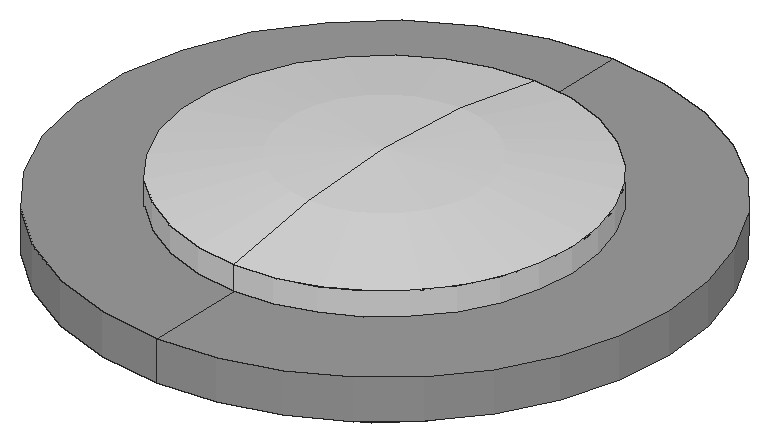
Revit family "4054892", category Lighting Fixtures, host Face, Revit 2018
Family settings
  Host = Face
  Round Connector Dimension = Use Diameter
  Part Type = Normal
  OmniClass Number = 23.80.70.11.17
  OmniClass Title = Specialized Lighting by Location or Use
  Cut with Voids When Loaded = No
  Light Source = Yes
  Shared = No
  Room Calculation Point = No
Parameters (values of type "CASSINI PLANAR 400 1229LM 830 DA EM3 WH")
  Weight = "1.10 kg"  # constant formula
  Wattage Comments = "17"
  Wattage = 10.9848 W
  built-in parameter 1150110 = 1 (stored number, unit not read)
  Voltage Comments = "UNV (Universal Voltage; 220-240 Volt)"  # constant formula
  Voltage = 230 V  # constant formula
  URL = "http://www.feilosylvania.com/"
  built-in parameter 1114217 = 1 (stored number, unit not read)
  Tilt Angle = -90.00°
  built-in parameter 1150109 = 1 (stored number, unit not read)
  built-in parameter 1150134 = 6
  built-in parameter 1150113 = 1 (stored number, unit not read)
  Radius Diffuser = Radius - 68.00 mm  # 132.00 mm
  Radius = 200.00 mm
  Product Page URL = "http://www.feilosylvania.com/product/en-int/products/4055052"
  Product Family = "Cassini Planar LED"  # constant formula
  Photometry Comments = ""
  Photometric Web File = "4054892.ies"
  IK Rating = "10"  # constant formula
  Height = 90.00 mm  # constant formula
  Emit from Circle Diameter = Diameter - 136.00 mm  # 264.00 mm
  Emit Shape Visible in Rendering = no
  Diameter = Radius * 2  # 400.00 mm
  Diffuser Material = Acrylic_Opal_Reflector_Sylvania_White
  Drive Current = "700 mA"  # constant formula
  built-in parameter 1114216 [instance] = 1 (stored number, unit not read)
  Model = "Significant energy savings compared to traditional CFL and 2D\r\nfixtures. Excellent flashing provides perfect homogenous light\r\ndistribution . Unique feature allowing a choice between High Output or\r\nHigh efficiency with the flick of a switch. 50,000 hours life, providing a\r\nmaintenance free lighting solution."  # constant formula
  Manufacturer = "Feilo Sylvania"  # constant formula
  built-in parameter 1150105 = 208.44 (stored number, unit not read)
  Lumens = 725 lm
  built-in parameter 1150115 = 1 (stored number, unit not read)
  built-in parameter 1150137 = (empty or 0)
  built-in parameter 1150139 = (empty or 0)
  built-in parameter 1150112 = 1 (stored number, unit not read)
  built-in parameter 1150114 = 1 (stored number, unit not read)
  Lamp Comments = "Integrated LED, Samsung 2323 LED 11.2W"  # constant formula
  Lamp = "11.20 W LED"
  built-in parameter 1150132 = 2
  built-in parameter 1150102 = (empty or 0)
  built-in parameter 1150107 = 4000 (stored number, unit not read)
  built-in parameter 1150138 = (empty or 0)
  built-in parameter 1150106 = 2.0844 (stored number, unit not read)
  Body Material = Aluminium Brushed_Body_Sylvania
  built-in parameter 1150104 = 6.1316 (stored number, unit not read)
  Dimming Lamp Color Temperature Shift = <None>
  Description = ""
  Default Elevation = 0.00 mm
  Color Filter = 16777215
  Catalog Number = "4055052 Cassini Planar 4000K 400mm"
  built-in parameter 1140040 [instance] = 1
  built-in parameter 1114218 = 1 (stored number, unit not read)
  built-in parameter 1150133 = 10 (stored number, unit not read)
  Assembly Code = "D5020200"
  Apparent Load Comments = ""
  Apparent Load = 11.2 VA
Reference planes
  plane 1 "Center (Front/Back)": y = 0
  plane 2: z = 0
  plane 3 "Center (Left/Right)": x = 0
  plane 4: z = 58
  plane 5: z = 90
  plane 6: z = 30
Forms (mm)
  Revolve 1, solid, material "Aluminium Brushed_Body_Sylvania" <- "Body Material"
    sketch origin (0, 0, 0) x (0, 1, 0) y (0, 0, 1)
      loop
        line (-181.387, 30) -> (-146.876, 0) -> (0, 0) -> (0, 58) -> (-200, 58) -> (-200, 30) -> (-181.387, 30)
      axis (0, 0) -> (0, 58)
    angle from 0 to 360
  Revolve 2, solid, material "Acrylic_Opal_Reflector_Sylvania_White" <- "Diffuser Material"
    sketch origin (0, 0, 30) x (0, 1, 0) y (0, 0, 1)
      loop
        line (0, 28) -> (0, 60)
        arc (0, 60) -> (-66.443, 55.891) -> (-132, 44.324) r 590
        line (-132, 44.324) -> (-132, 28) -> (0, 28)
      axis (0, 28) -> (0, 60)
    angle from 0 to 360
Dimensions and locks
  "Radius": Revolve 1 sketch curve to Revolve 1 sketch curve
  "Height": plane 5 to level
  "Radius Diffuser": imposter light to Revolve 2 sketch curve
  aligned and locked: plane 2 to host face
  aligned and locked: level to host face
  aligned and locked: plane 4 to Revolve 1 sketch curve
  aligned and locked: Revolve 1 sketch curve to plane 6
  aligned and locked: plane 5 to imposter light
Automatic sketch dimensions
  host sketch curve to host sketch curve = 1713.741 mm
  host sketch curve to host sketch curve = 1283.632 mm
  Revolve 1 sketch curve to level = 0.00 mm
  Revolve 1 sketch curve to plane 1 "Center (Front/Back)" = 0.00 mm  (x2)
  Revolve 1 sketch curve to Revolve 1 sketch curve = 18.613 mm
  Revolve 1 sketch curve to Revolve 1 sketch curve = 34.511 mm
  Revolve 1 sketch curve to Revolve 1 sketch curve = 160.00 mm
  Revolve 1 sketch curve to plane 4 = 2.00 mm
  Revolve 2 sketch curve to plane 1 "Center (Front/Back)" = 0.00 mm  (x2)
  Revolve 2 sketch curve to plane 4 = 0.00 mm
  Revolve 2 sketch curve to plane 5 = 0.00 mm
  Revolve 2 sketch curve to plane 1 "Center (Front/Back)" = 3.137 mm
  Revolve 2 sketch curve to level = 499.992 mm
  Revolve 2 sketch curve to level = 130.00 mm
  Revolve 2 sketch curve to plane 5 = 4.00 mm
Connectors
  electrical at (0, 0, 0), driven by "Voltage", driven by "Apparent Load"
    settings: on Revolve 1, index 1, voltage 230 V, apparent load 0 VA, apparent load phase1 11.2 VA, apparent load phase2 0 VA, apparent load phase3 0 VA, power factor 1, load classification "Lighting", number of poles 1, system type 31, power factor state 1, is connector primary yes, connector utility no, sub classification motor no, connector description ""
